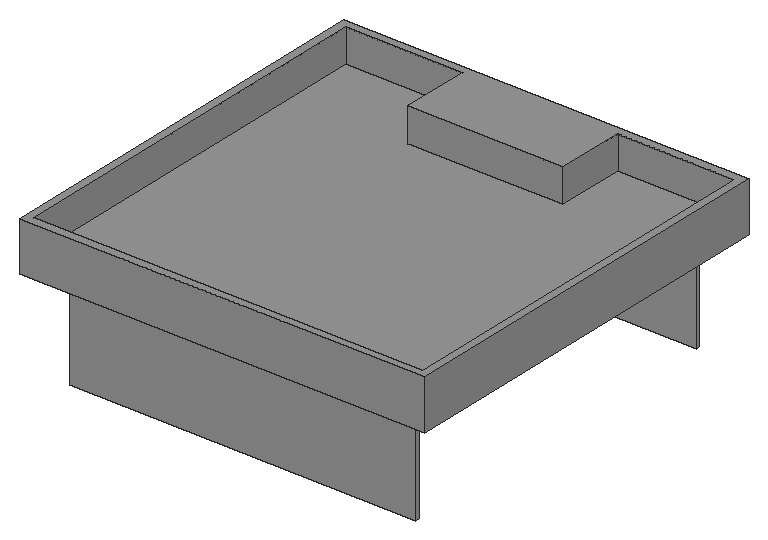
Revit family "Nivellierbare Kassette mit Schnurauslass, RKSNUZD3, 20-25, 9", category Generic Models, Revit 2015
Parameters (values of type "RKSN2 UZD3 9VS20")
  Width = 243 mm
  URL = "http://www.obo-bettermann.com"
  Material = Stainless Steel, Polished
  Manufacturer Art.No. = "7409238"
  Manufacturer = "OBO Bettermann"
  Length = 243 mm
  Height 1 = 30 mm
  Height = 90 mm
  GTIN = "4012195867302"
  Cut depth = 20 mm
  Article Type = "RKSN2 UZD3 9VS20"
Types (5, lengths in mm): name | Material | Manufacturer Art.No. | Height | GTIN | Cut depth | Article Type
  (no name) | Stainless Steel, Polished | "7409238" | 90 | "4012195867302" | 20 | "RKSN2 UZD3 9VS20"
  RKSN2 UZD3 9VS20 | Stainless Steel, Polished | "7409238" | 90 | "4012195867302" | 20 | "RKSN2 UZD3 9VS20"
  RKSN2 UZD3 9MS20 | Brass, Soft Yellow, Welded | "7409232" | 90 | "4012195867289" | 20 | "RKSN2 UZD3 9MS20"
  RKSN2 UZD3 9VS25 | Stainless Steel, Polished | "7409240" | 95 | "4012195867333" | 25 | "RKSN2 UZD3 9VS25"
  RKSN2 UZD3 9MS25 | Brass, Soft Yellow, Welded | "7409234" | 95 | "4012195867296" | 25 | "RKSN2 UZD3 9MS25"
Reference planes
  plane 1 "Center (Front/Back)": y = 0
  plane 2: z = 0
  plane 3 "Center (Left/Right)": x = 0
  plane 4: y = 121.5
  plane 5: y = -121.5
  plane 6: z = 90
  plane 7: z = 70
  plane 8: z = 60
Forms (mm)
  Extrusion 1, solid, material "Stainless Steel, Polished" <- "Material"
    sketch origin (0, 0, 0) x (1, 0, 0) y (0, 0, 1)
      loop
        line (-121.5, 90) -> (-121.5, 60) -> (121.5, 60) -> (121.5, 90) -> (-121.5, 90)
    from -121.5 to 121.5
  Extrusion 2, solid, material "Stainless Steel, Polished" <- "Material"
    sketch origin (0, 0, 0) x (1, 0, 0) y (0, 1, 0)
      loop
        line (-104.2, -104.3) -> (-104.2, -106.3) -> (104.2, -106.3) -> (104.2, -104.3) -> (-104.2, -104.3)
      loop
        line (-104.2, 106.3) -> (-104.2, 104.3) -> (104.2, 104.3) -> (104.2, 106.3) -> (-104.2, 106.3)
    from 0 to 60
  Extrusion 3, void
    sketch origin (0, 0, 0) x (1, 0, 0) y (0, 1, 0)
      loop
        line (-117.05, 117.05) -> (-117.05, -117.05) -> (117.05, -117.05) -> (117.05, 117.05) -> (46.5, 117.05) -> (46.5, 75.95) -> (-46.5, 75.95) -> (-46.5, 117.05) -> (-117.05, 117.05)
    from 70 to 90
Cuts and joins
  Extrusion 3 cuts Extrusion 1
  Extrusion 3 cuts Extrusion 2
Dimensions and locks
  "Width": Extrusion 1 sketch curve to Extrusion 1 sketch curve
  locked: Extrusion 2 sketch curve to Extrusion 2 sketch curve at 208.4  (x2)
  locked: Extrusion 2 sketch curve to Extrusion 1 at 15.2
  locked: Extrusion 2 sketch curve to Extrusion 2 sketch curve at 2  (x2)
  "Cut depth": plane 6 to plane 7
  "Length": plane 4 to plane 5
  locked: plane 3 "Center (Left/Right)" to Extrusion 1 sketch curve at 121.5
  locked: plane 4 to plane 1 "Center (Front/Back)" at 121.5
  "Height 1": plane 6 to plane 8
  locked: Extrusion 2 sketch curve to plane 3 "Center (Left/Right)" at 104.2  (x2)
  locked: Extrusion 3 sketch curve to Extrusion 3 sketch curve at 234.1  (x2)
  equal spacing: Extrusion 3 sketch curve, plane 3 "Center (Left/Right)", Extrusion 3 sketch curve, locked at 117.05 each
  equal spacing: Extrusion 3 sketch curve, plane 1 "Center (Front/Back)", Extrusion 3 sketch curve, locked at 117.05 each
  locked: Extrusion 3 sketch curve to Extrusion 3 sketch curve at 93
  equal spacing: Extrusion 3 sketch curve, plane 3 "Center (Left/Right)", Extrusion 3 sketch curve, locked at 46.5 each
  locked: Extrusion 3 sketch curve to Extrusion 3 sketch curve at 41.1
  "Height": plane 6 to level
  aligned and locked: level to plane 2
  aligned and locked: plane 5 to Extrusion 1
  aligned and locked: Extrusion 1 to plane 4
  aligned and locked: plane 6 to Extrusion 1
  aligned and locked: Extrusion 1 to plane 8
  aligned and locked: Extrusion 3 sketch curve to Extrusion 3 sketch curve
  aligned and locked: cut or joined group of Extrusion 1, Extrusion 3 to Extrusion 3
  aligned and locked: Extrusion 3 to plane 7
  aligned and locked: Extrusion 2 to level
  aligned and locked: plane 8 to Extrusion 2
Automatic sketch dimensions
  Extrusion 1 sketch curve to plane 6 = 0 mm
  plane 8 to Extrusion 1 sketch curve = 0 mm
  plane 4 to Extrusion 2 sketch curve = 17.2 mm
